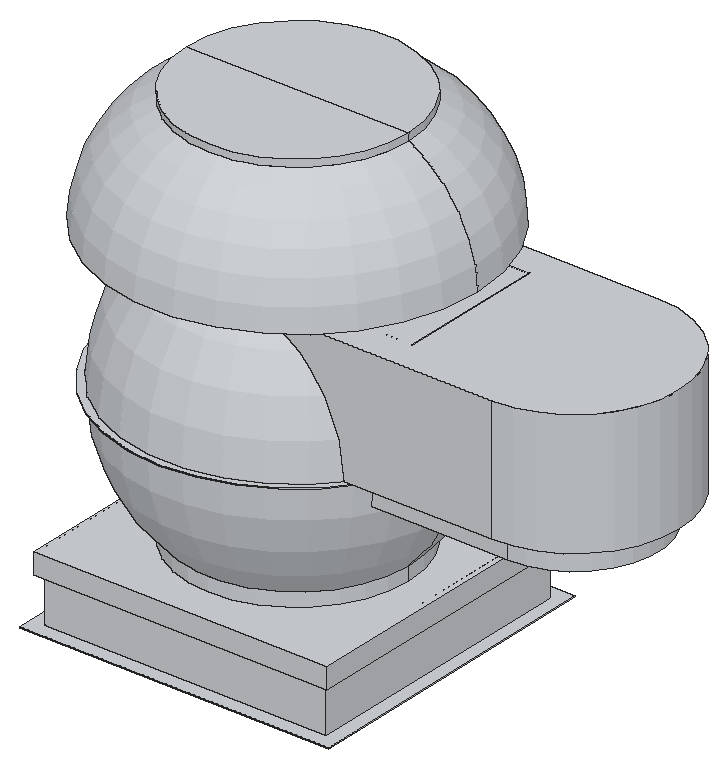
Revit family "CVR-S", category Mechanical Equipment, Revit 2019
Family settings
  Round Connector Dimension = Use Diameter
  Part Type = Normal
  Work Plane-Based = No
  Always vertical = Yes
  Cut with Voids When Loaded = No
  Shared = No
  Room Calculation Point = No
Parameters (values of type "32_CVR-S")
  Unit Weight [instance] = ""
  T_SQ/2 = T_SQ / 2  # 1' - 9"
  T_SQ = 3' - 6"
  Sones [instance] = ""
  SIZE/2 = SIZE / 2  # 1' - 4"
  SIZE = 2' - 8"
  RO/2 = RO / 2  # 1' - 6 3/4"
  RO = T_SQ - 0' 4 1/2"  # 3' - 1 1/2"
  Motor RPM [instance] = ""
  Motor Enclosure [instance] = ""
  ModelID [instance] = ""
  LwA [instance] = ""
  G-.125" = G - 0' 0 1/8"  # 0' - 2 7/8"
  G+2.5" = G + C - 0' 2 1/2"  # 3' - 5 3/8"
  G+(C/2) = G + (C / 2)  # 1' - 11 7/16"
  G = 0' - 3"
  Fan RPM [instance] = ""
  F/2 = F / 2  # 2' - 2"
  F = 4' - 4"
  E/2 = E / 2  # 1' - 3"
  E = 2' - 6"
  D/2 = D / 2  # 2' - 0"
  D = 4' - 0"
  CURB_HEIGHT [instance] = 0' - 9 1/2"
  CURB [instance] = yes
  C/2 = C / 2  # 1' - 8 7/16"
  C = 3' - 4 7/8"
  B/2 = B / 2  # 0' - 8 1/2"
  B = 1' - 5"
  Accessories [instance] = ""
  A/2 = A / 2  # 2' - 4 15/16"
  A = 4' - 9 7/8"
  3" = 0' - 3"  # constant formula
  Brake Hp [instance] = ""
  4" = 0' - 4"  # constant formula
  2' = 2' - 0"
  2" = 0' - 2"  # constant formula
  1" = 0' - 1"  # constant formula
  0 = 0' - 0"  # constant formula
  Voltage [instance] = 0 V
  URL = "www.lorencook.com"
  Type Comments = "Centri-Vane All Aluminum Centrifugal Blower Supply Roof Mounted/Belt Drive"  # constant formula
  Static Pressure [instance] = 0.00 in-wg
  Power [instance] = Voltage * Motor FLA * sqrt(if(Phase = 3, 3, 1))  # 0 VA
  Phase [instance] = 0
  Number of Poles [instance] = 1
  Motor Hp [instance] = "0"
  Motor FLA [instance] = 0 A
  Model = "CVR-S"  # constant formula
  Manufacturer = "Loren Cook Company"
  CFM [instance] = 0 CFM
  1.5 = 0' - 1 1/2"  # constant formula
  ONE EIGTH = 0' - 0 1/8"  # constant formula
  (T_SQ/2)+.125" = (T_SQ / 2) + 0' 0 1/8"  # 1' - 9 1/8"
  (SIZE/2)*.66 = (SIZE / 2) * 0.66  # 0' - 10.56"
  (D+1")/2 = (D + 0' 2") / 2  # 2' - 1"
Types (11): name | T_SQ/2 | T_SQ | SIZE/2 | SIZE | RO/2 | RO | G-.125" | G+2.5" | G+(C/2) | G | F/2 | F | E/2 | E | D/2 | D | C/2 | C | B/2 | B | A/2 | A | (T_SQ/2)+.125" | (SIZE/2)*.66 | (D+1")/2
  (no name) | 1' - 9" | 3' - 6" | 1' - 4" | 2' - 8" | 1' - 6 3/4" | 3' - 1 1/2" | 0' - 2 7/8" | 3' - 5 3/8" | 1' - 11 7/16" | 0' - 3" | 2' - 2" | 4' - 4" | 1' - 3" | 2' - 6" | 2' - 0" | 4' - 0" | 1' - 8 7/16" | 3' - 4 7/8" | 0' - 8 1/2" | 1' - 5" | 2' - 4 15/16" | 4' - 9 7/8" | 1' - 9 1/8" | 0' - 10.56" | 2' - 1"
  10_CVR-S | 0' - 10" | 1' - 8" | 0' - 5" | 0' - 10" | 0' - 7 3/4" | 1' - 3 1/2" | 0' - 1 7/8" | 1' - 3" | 0' - 9 3/4" | 0' - 2" | 0' - 9 1/16" | 1' - 6 1/8" | 0' - 7 1/2" | 1' - 3" | 0' - 8 3/32" | 1' - 4 3/16" | 0' - 7 3/4" | 1' - 3 1/2" | 0' - 2 5/16" | 0' - 4 5/8" | 0' - 10 1/16" | 1' - 8 1/8" | 0' - 10 1/8" | 0' - 3.3" | 0' - 9 3/32"
  12_CVR-S | 0' - 10" | 1' - 8" | 0' - 6" | 1' - 0" | 0' - 7 3/4" | 1' - 3 1/2" | 0' - 1 7/8" | 1' - 4 5/8" | 0' - 10 9/16" | 0' - 2" | 1' - 1 31/32" | 2' - 3 15/16" | 0' - 7 1/2" | 1' - 3" | 0' - 9 9/16" | 1' - 7 1/8" | 0' - 8 9/16" | 1' - 5 1/8" | 0' - 2 1/2" | 0' - 5" | 0' - 11 1/16" | 1' - 10 1/8" | 0' - 10 1/8" | 0' - 3.96" | 0' - 10 9/16"
  14_CVR-S | 1' - 0" | 2' - 0" | 0' - 7" | 1' - 2" | 0' - 9 3/4" | 1' - 7 1/2" | 0' - 1 7/8" | 1' - 6 5/8" | 0' - 11 9/16" | 0' - 2" | 1' - 1 31/32" | 2' - 3 15/16" | 0' - 8" | 1' - 4" | 0' - 11" | 1' - 10" | 0' - 9 9/16" | 1' - 7 1/8" | 0' - 2 1/2" | 0' - 5" | 1' - 0 1/16" | 2' - 0 1/8" | 1' - 0 1/8" | 0' - 4.62" | 1' - 0"
  16_CVR-S | 1' - 0" | 2' - 0" | 0' - 8" | 1' - 4" | 0' - 9 3/4" | 1' - 7 1/2" | 0' - 1 7/8" | 1' - 9 1/16" | 1' - 0 25/32" | 0' - 2" | 1' - 1 31/32" | 2' - 3 15/16" | 0' - 8 1/2" | 1' - 5" | 1' - 0 7/16" | 2' - 0 7/8" | 0' - 10 25/32" | 1' - 9 9/16" | 0' - 2 1/2" | 0' - 5" | 1' - 1 9/32" | 2' - 2 9/16" | 1' - 0 1/8" | 0' - 5.28" | 1' - 1 7/16"
  18_CVR-S | 1' - 2" | 2' - 4" | 0' - 9" | 1' - 6" | 0' - 11 3/4" | 1' - 11 1/2" | 0' - 1 7/8" | 2' - 0" | 1' - 2 1/4" | 0' - 2" | 1' - 1 31/32" | 2' - 3 15/16" | 0' - 9 1/2" | 1' - 7" | 1' - 1 7/8" | 2' - 3 3/4" | 1' - 0 1/4" | 2' - 0 1/2" | 0' - 2 1/2" | 0' - 5" | 1' - 2 3/4" | 2' - 5 1/2" | 1' - 2 1/8" | 0' - 5.94" | 1' - 2 7/8"
  20_CVR-S | 1' - 2" | 2' - 4" | 0' - 10" | 1' - 8" | 0' - 11 3/4" | 1' - 11 1/2" | 0' - 1 7/8" | 2' - 2" | 1' - 3 1/4" | 0' - 2" | 1' - 6" | 3' - 0" | 0' - 9 1/2" | 1' - 7" | 1' - 3 1/4" | 2' - 6 1/2" | 1' - 1 1/4" | 2' - 2 1/2" | 0' - 3 3/8" | 0' - 6 3/4" | 1' - 4 5/8" | 2' - 9 1/4" | 1' - 2 1/8" | 0' - 6.6" | 1' - 4 1/4"
  24_CVR-S | 1' - 4" | 2' - 8" | 1' - 0" | 2' - 0" | 1' - 1 3/4" | 2' - 3 1/2" | 0' - 2 7/8" | 2' - 7 7/8" | 1' - 6 11/16" | 0' - 3" | 1' - 6" | 3' - 0" | 0' - 10 1/2" | 1' - 9" | 1' - 6 1/4" | 3' - 0 1/2" | 1' - 3 11/16" | 2' - 7 3/8" | 0' - 3 3/8" | 0' - 6 3/4" | 1' - 7 1/16" | 3' - 2 1/8" | 1' - 4 1/8" | 0' - 7.92" | 1' - 7 1/4"
  28_CVR-S | 1' - 6" | 3' - 0" | 1' - 2" | 2' - 4" | 1' - 3 3/4" | 2' - 7 1/2" | 0' - 2 7/8" | 3' - 0 1/2" | 1' - 9" | 0' - 3" | 1' - 9 1/16" | 3' - 6 1/8" | 1' - 2 1/2" | 2' - 5" | 1' - 9" | 3' - 6" | 1' - 6" | 3' - 0" | 0' - 4" | 0' - 8" | 1' - 10" | 3' - 8" | 1' - 6 1/8" | 0' - 9.24" | 1' - 10"
  32_CVR-S | 1' - 9" | 3' - 6" | 1' - 4" | 2' - 8" | 1' - 6 3/4" | 3' - 1 1/2" | 0' - 2 7/8" | 3' - 5 3/8" | 1' - 11 7/16" | 0' - 3" | 2' - 2" | 4' - 4" | 1' - 3" | 2' - 6" | 2' - 0" | 4' - 0" | 1' - 8 7/16" | 3' - 4 7/8" | 0' - 8 1/2" | 1' - 5" | 2' - 4 15/16" | 4' - 9 7/8" | 1' - 9 1/8" | 0' - 10.56" | 2' - 1"
  36_CVR-S | 2' - 0" | 4' - 0" | 1' - 4" | 2' - 8" | 1' - 9 3/4" | 3' - 7 1/2" | 0' - 2 7/8" | 3' - 8 1/2" | 2' - 1" | 0' - 3" | 2' - 7" | 5' - 2" | 1' - 4" | 2' - 8" | 2' - 2 11/16" | 4' - 5 3/8" | 1' - 10" | 3' - 8" | 0' - 8 3/4" | 1' - 5 1/2" | 2' - 6 3/4" | 5' - 1 1/2" | 2' - 0 1/8" | 0' - 10.56" | 2' - 3 11/16"
Reference planes (in)
  plane 1 "Center (Front/Back)": y = 0
  plane 2: z = 0
  plane 3 "Center (Left/Right)": x = 0.40541
Forms (in)
  Extrusion 1, solid
    sketch origin (0, 0, 0) x (1, 0, 0) y (0, 1, 0)
      loop
        line (-20.71959, 21.125) -> (-20.71959, -21.125) -> (21.53041, -21.125) -> (21.53041, 21.125) -> (-20.71959, 21.125)
    from 0 to 3 <- "G"
  Extrusion 2, void
    sketch origin (0, 0, 0) x (1, 0, 0) y (0, 1, 0)
      loop
        line (-20.59459, 21) -> (-20.59459, -21) -> (21.40541, -21) -> (21.40541, 21) -> (-20.59459, 21)
    from 0 to 2.875 <- "G-.125""
  Revolve 3, solid
    sketch origin (0, 0, 0) x (1, 0, 0) y (0, 0, 1)
      loop
        line (0.40541, 3) -> (16.40541, 3) -> (16.40541, 5)
        arc (16.40541, 5) -> (24.40541, 23.4375) -> (16.40541, 41.875) r 25.24634
        line (16.40541, 41.875) -> (16.40541, 43.875) -> (0.40541, 43.875) -> (0.40541, 3)
      axis (0.40541, 43.875) -> (0.40541, 3)
    angle from 0 to 360
  Revolve 4, solid
    sketch origin (0, 0, 0) x (1, 0, 0) y (0, 0, 1)
      loop
        line (0.40541, 43.875) -> (26.40541, 43.875)
        arc (26.40541, 43.875) -> (23.69978, 53.30898) -> (16.40541, 59.875) r 17.8
        line (16.40541, 59.875) -> (16.40541, 60.875) -> (0.40541, 60.875) -> (0.40541, 43.875)
      axis (0.40541, 60.875) -> (0.40541, 43.875)
    angle from 0 to 360
  Extrusion 5, solid
    sketch origin (0, 0, 0) x (1, 0, 0) y (0, 1, 0)
      loop
        line (0.40541, -10.435) -> (0.40541, -10.56) -> (25.40541, -10.56) -> (25.40541, 10.56) -> (0.40541, 10.56) -> (0.40541, 10.435) -> (25.28041, 10.435) -> (25.28041, -10.435) -> (0.40541, -10.435)
    from 41.375 <- "G+2.5"" to 23.4375 <- "G+(C/2)"
  Revolve 6, solid
    sketch origin (0, 0, 0) x (1, 0, 0) y (0, 0, 1)
      loop
        line (24.40541, 23.3125) -> (25.40541, 23.3125) -> (25.40541, 23.4375) -> (24.40541, 23.4375) -> (24.40541, 23.3125)
      axis (0.40541, 23.3125) -> (0.40541, 23.4375)
    angle from 0 to 360
  Extrusion 7, solid
    sketch origin (0, 0, 0) x (1, 0, 0) y (0, 1, 0)
      loop
        arc (40.40541, -15) -> (55.40541, 0) -> (40.40541, 15) r 15
        line (40.40541, 15) -> (0.40541, 15) -> (0.40541, -15) -> (40.40541, -15)
    from 41.375 <- "G+2.5"" to 23.4375 <- "G+(C/2)"
  Extrusion 8, solid
    sketch origin (0, 0, 23.4375) x (1, 0, 0) y (0, 1, 0)
      loop
        arc (40.40541, -12) -> (52.40541, 0) -> (40.40541, 12) r 12
        line (40.40541, 12) -> (0.40541, 12) -> (0.40541, -12) -> (40.40541, -12)
    from -0.5 to -4
  Extrusion 9, solid, visible <- "CURB"
    sketch origin (0, 0, 2.875) x (0, 1, 0) y (1, 0, 0)
      loop
        line (-18.75, -18.34459) -> (18.75, -18.34459) -> (18.75, 19.15541) -> (-18.75, 19.15541) -> (-18.75, -18.34459)
      loop
        line (-20.25, -19.84459) -> (20.25, -19.84459) -> (20.25, 20.65541) -> (-20.25, 20.65541) -> (-20.25, -19.84459)
    from 0 to 9.5 <- "CURB_HEIGHT"
  Extrusion 10, solid, visible <- "CURB"
    sketch origin (0, 0, -6.625) x (-1, 0, 0) y (0, 1, 0)
      loop
        line (19.84459, -20.25) -> (19.84459, 20.25) -> (-20.65541, 20.25) -> (-20.65541, -20.25) -> (19.84459, -20.25)
      loop
        line (-22.65541, 22.25) -> (-22.65541, -22.25) -> (21.84459, -22.25) -> (21.84459, 22.25) -> (-22.65541, 22.25)
    from 0 to -0.125
Cuts and joins
  Extrusion 2 cuts Extrusion 1
Dimensions and locks (in)
  "(T_SQ/2)+.125"": Extrusion 1 sketch curve to plane 3 "Center (Left/Right)"
  "(T_SQ/2)+.125"": plane 3 "Center (Left/Right)" to Extrusion 1 sketch curve
  "(T_SQ/2)+.125"": plane 1 "Center (Front/Back)" to Extrusion 1 sketch curve
  "(T_SQ/2)+.125"": Extrusion 1 sketch curve to plane 1 "Center (Front/Back)"
  "T_SQ/2": Extrusion 2 sketch curve to plane 3 "Center (Left/Right)"
  "T_SQ/2": plane 3 "Center (Left/Right)" to Extrusion 2 sketch curve
  "T_SQ/2": plane 1 "Center (Front/Back)" to Extrusion 2 sketch curve
  "T_SQ/2": Extrusion 2 sketch curve to plane 1 "Center (Front/Back)"
  "0": Revolve 3 sketch curve to cut or joined group of Extrusion 1, Extrusion 2
  "C": Revolve 3 sketch curve to Revolve 3 sketch curve
  "D/2": Revolve 3 sketch curve to plane 3 "Center (Left/Right)"
  "0": Revolve 3 sketch curve to plane 3 "Center (Left/Right)"  (x2)
  "SIZE/2": Revolve 3 sketch curve to plane 3 "Center (Left/Right)"
  "SIZE/2": plane 3 "Center (Left/Right)" to Revolve 3 sketch curve
  "2"": Revolve 3 sketch curve to Revolve 3 sketch curve  (x2)
  "B": Revolve 4 sketch curve to Revolve 4 sketch curve
  "SIZE/2": Revolve 4 sketch curve to plane 3 "Center (Left/Right)"
  "1"": Revolve 4 sketch curve to Revolve 4 sketch curve
  "F/2": Revolve 4 sketch curve to plane 3 "Center (Left/Right)"
  "0": Revolve 4 sketch curve to plane 3 "Center (Left/Right)"  (x2)
  "0": Revolve 4 sketch curve to Revolve 3
  "(SIZE/2)*.66": plane 1 "Center (Front/Back)" to Extrusion 5 sketch curve  (x2)
  "ONE EIGTH": Extrusion 5 sketch curve to Extrusion 5 sketch curve  (x3)
  "0": Extrusion 5 sketch curve to plane 3 "Center (Left/Right)"  (x2)
  "(D+1")/2": plane 3 "Center (Left/Right)" to Extrusion 5 sketch curve
  "0": Revolve 6 sketch curve to Extrusion 5
  "ONE EIGTH": Revolve 6 sketch curve to Revolve 6 sketch curve
  "D/2": Revolve 6 sketch curve to plane 3 "Center (Left/Right)"
  "1"": Revolve 6 sketch curve to Revolve 6 sketch curve
  "0": Revolve 6 sketch curve to plane 3 "Center (Left/Right)"
  "E": Extrusion 5 to Extrusion 7 sketch curve
  "0": Extrusion 7 sketch curve to plane 1 "Center (Front/Back)"
  "0": Extrusion 5 to Extrusion 7 sketch curve
  "3"": Extrusion 7 to Extrusion 8 sketch curve  (x2)
  "E/2": Extrusion 5 to Extrusion 8 sketch curve
  "0": Extrusion 8 sketch curve to plane 3 "Center (Left/Right)"
  "0": Extrusion 7 sketch curve to plane 3 "Center (Left/Right)"
  Extrusion 7 sketch curve to plane 1 "Center (Front/Back)" = 1' - 3"
  "E/2": Extrusion 7 sketch curve to plane 1 "Center (Front/Back)"
  "RO/2": Extrusion 9 sketch curve to plane 3 "Center (Left/Right)"
  "RO/2": plane 3 "Center (Left/Right)" to Extrusion 9 sketch curve
  "RO/2": Extrusion 9 sketch curve to plane 1 "Center (Front/Back)"  (x2)
  "1.5": Extrusion 9 sketch curve to Extrusion 9 sketch curve  (x4)
  "0": Extrusion 10 sketch curve to Extrusion 9  (x3)
  "0": Extrusion 9 to Extrusion 10 sketch curve
  "2"": Extrusion 10 sketch curve to Extrusion 9  (x3)
  "2"": Extrusion 9 to Extrusion 10 sketch curve
Automatic sketch dimensions
  Revolve 3 sketch curve to level = 0' - 3"
  Revolve 3 sketch curve to Revolve 3 sketch curve = 0' - 0"
  Revolve 4 sketch curve to Revolve 4 sketch curve = 0' - 0"
  Revolve 4 sketch curve to Revolve 4 sketch curve = 0' - 2 1/2"
  Extrusion 8 sketch curve to Extrusion 8 sketch curve = 0' - 0"
  Revolve 6 sketch curve to Revolve 6 sketch curve = 0' - 10.35259"
  Revolve 6 sketch curve to Revolve 6 sketch curve = 0' - 4"
  Extrusion 7 sketch curve to Extrusion 7 sketch curve = 0' - 0"
Connectors (in)
  electrical at (20.40541, 0, 41.375)
    settings: on Extrusion 7, index 2, voltage 0 V, apparent load 0 VA, apparent load phase1 0 VA, apparent load phase2 0 VA, apparent load phase3 0 VA, power factor 1, load classification "Other", number of poles 1, system type 30, power factor state 1, is connector primary yes, connector utility no, sub classification motor no, connector description ""
  hvac at (0.40541, 0, 2.875), driven by "RO", driven by "RO", driven by "CFM"
    settings: on cut or joined group of Extrusion 1, Extrusion 2, index 3, duct flow 0 CFM, flow factor 0, pres drop 0.00 in-wg, loss coef 0, conn angle 0.00°, conn width 37 1/2", conn height 37 1/2", conn diameter 24", duct sys type 1, conn prof type 1, flow config 0, flow direction 2, loss method 0, conn ref index -1, conn util no, is conn primary yes, conn desc ""
